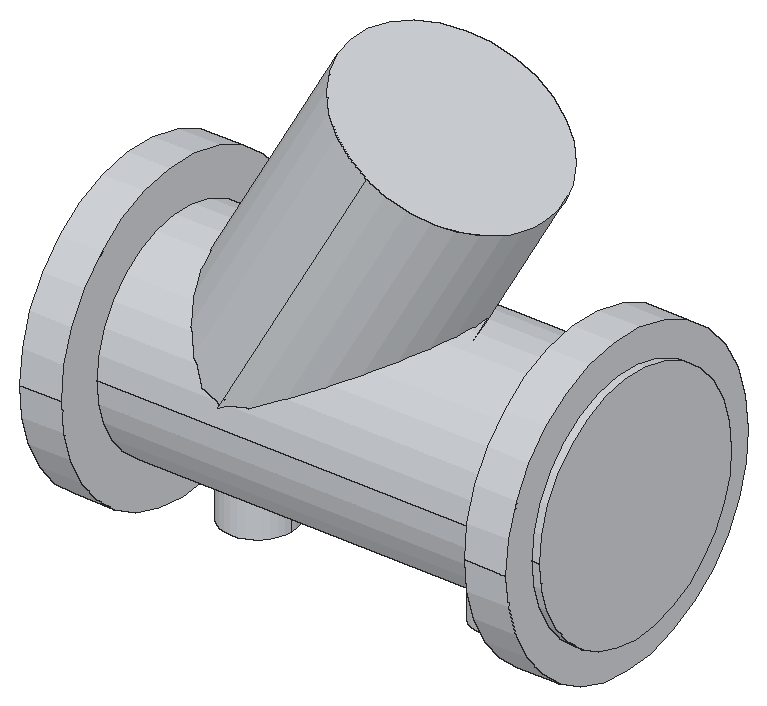
Revit family "HS 821-síto_standard-PN40-DN200-RFA_2019", category Pipe Accessories, Revit 2019
Family settings
  Round Connector Dimension = Use Diameter
  Part Type = Breaks Into
  Work Plane-Based = No
  Always vertical = Yes
  Cut with Voids When Loaded = No
  Shared = No
Parameters (values of type "821F-DN200-PN40-síto_standard")
  magiProductId = "7fb3fc01dd8d42428c203e3f8dd4d5"
  magiProductFamilyId = "79214ac3aaa945e397802f559f5c1e"
  magiPartTypeId = 307
  isMeasuringValve [instance] = no
  ang2D [instance] = 0.00°
  ZB__ve = -ZB  # -56 mm
  ZB1 = 115.425 mm
  ZB = 56 mm
  X2 = 188.361 mm
  X1 = 84 mm
  W2D = 15 mm
  VersionID = "2.0/2017.9.26.1/ZETKAMA_821_001"
  Use Minimum Symbol Size [instance] = yes
  URL = "www.hydronic.cz"
  Type Comments = "Filtr přírubový; síto standardní; A-PN16 (-10~300°C); D-PN25 (-10~350°C); F-PN40 (-10~400°C)"
  S = 285 mm
  QmdConnectorList = "301;D;302;D"
  Productdata [instance] = ""
  Manufacturer = "Hydronic Systems Prague s.r.o."
  MC Product Code = "240 693 (821F; DN200; PN40; kvs707; oko síta 1,6mm)"
  LM1 = 48 mm
  LM = 480 mm
  L4 = 150 mm
  L2D_Min = 3048 mm
  L2D = 130 mm
  L2 = 300 mm
  HH2 = 326.25 mm
  FD = 360 mm
  Description = "Filtr přírubový; síto standardní; 821A-PN16; 821D-PN25; 821F-PN40"
  DM1 = 252 mm
  DM = 256.5 mm
  D = 200 mm
  CC = 10.2 mm
  CAT0 = yes
  C1 = 49.8 mm
  C = 60 mm
  BD = 80.797 mm
Types (40, lengths in mm): name | magiProductId | ZB__ve | ZB1 | ZB | X2 | X1 | S | MC Product Code | LM1 | LM | L4 | L2 | HH2 | FD | DM1 | DM | D | CC | C1 | C | BD
  821A-DN015-PN16-síto_standard | "a71bcfe8b393460598b23e8ddf7dc5" | -16.25 | 18.63 | 16.25 | 46.982 | 18.2 | 46 | "200 115 (821A; DN015; PN16; kvs6,3; oko síta 1,00mm)" | 10.4 | 104 | 32.5 | 65 | 81.375 | 95 | 27.6 | 41.4 | 15 | 2.21 | 10.79 | 13 | 13.041
  821A-DN020-PN16-síto_standard | "41cd6c7a12924f4991217528336076" | -17.75 | 22.68 | 17.75 | 51.673 | 21 | 56 | "200 120 (821A; DN020; PN16; kvs11,2; oko síta 1,00mm)" | 12 | 120 | 37.5 | 75 | 89.5 | 105 | 33.6 | 50.4 | 20 | 2.55 | 12.45 | 15 | 15.876
  821A-DN025-PN16-síto_standard | "be378b463ed14c3abf4c9b3ae8cf3a" | -19.25 | 26.325 | 19.25 | 58.601 | 22.4 | 65 | "200 125 (821A; DN025; PN16; kvs14,7; oko síta 1,00mm)" | 12.8 | 128 | 40 | 80 | 101.5 | 115 | 43.2 | 58.5 | 25 | 2.72 | 13.28 | 16 | 18.427
  821A-DN032-PN16-síto_standard | "227a0d18b21540afabe8b6067d35fa" | -23 | 30.78 | 23 | 68.849 | 25.2 | 76 | "200 132 (821A; DN032; PN16; kvs23,7; oko síta 1,00mm)" | 14.4 | 144 | 45 | 90 | 119.25 | 140 | 50.4 | 68.4 | 32 | 3.06 | 14.94 | 18 | 21.546
  821A-DN040-PN16-síto_standard | "d106917c74724141a10440112d0102" | -24.5 | 34.02 | 24.5 | 75.777 | 28 | 84 | "200 140 (821A; DN040; PN16; kvs37,7; oko síta 1,00mm)" | 16 | 160 | 50 | 100 | 131.25 | 150 | 60 | 75.6 | 40 | 3.4 | 16.6 | 20 | 23.814
  821A-DN050-PN16-síto_standard | "8255d456a09e4f6486734f5dd9171b" | -26.75 | 40.095 | 26.75 | 79.061 | 32.2 | 99 | "200 150 (821A; DN050 PN16; kvs57,9; oko síta 1,00mm)" | 18.4 | 184 | 57.5 | 115 | 136.938 | 165 | 73.8 | 89.1 | 50 | 3.91 | 19.09 | 23 | 28.066
  821A-DN065-PN16-síto_standard | "235b1b3e4c0843779a4d5e3716d40a" | -29.75 | 47.79 | 29.75 | 86.927 | 40.6 | 118 | "200 165 (821A; DN065; PN16; kvs101,5; oko síta 1,25mm)" | 23.2 | 232 | 72.5 | 145 | 150.562 | 185 | 94.2 | 106.2 | 65 | 4.93 | 24.07 | 29 | 33.453
  821A-DN080-PN16-síto_standard | "a067f7c5236348ed8c820d16df7214" | -32 | 53.46 | 32 | 104.753 | 43.4 | 132 | "200 180 (821A; DN080; PN16; kvs147,4; oko síta 1,25mm)" | 24.8 | 248 | 77.5 | 155 | 181.438 | 200 | 107.4 | 118.8 | 80 | 5.27 | 25.73 | 31 | 37.422
  821A-DN100-PN16-síto_standard | "c49a648c2747461285837d643703cd" | -35 | 63.18 | 35 | 114.857 | 49 | 156 | "200 190 (821A; DN100; PN16; kvs209,6; oko síta 1,60mm)" | 28 | 280 | 87.5 | 175 | 198.937 | 220 | 131.4 | 140.4 | 100 | 5.95 | 29.05 | 35 | 44.226
  821A-DN125-PN16-síto_standard | "bf68e728a163493cbd2a663b26ebdc" | -39.5 | 74.52 | 39.5 | 131.888 | 56 | 184 | "200 191 (821A; DN125; PN16; kvs326,2; oko síta 1,60mm)" | 32 | 320 | 100 | 200 | 228.438 | 250 | 165 | 165.6 | 125 | 6.8 | 33.2 | 40 | 52.164
  821A-DN150-PN16-síto_standard | "2de770284b654863ae6bc865769dc5" | -44.75 | 85.455 | 44.75 | 155.885 | 67.2 | 211 | "200 192 (821A; DN150; PN16; kvs403; oko síta 1,60mm)" | 38.4 | 384 | 120 | 240 | 270 | 285 | 192 | 189.9 | 150 | 8.16 | 39.84 | 48 | 59.818
  821A-DN200-PN16-síto_standard | "8e5693371ab64aabb29a7f08c76e15" | -53 | 107.73 | 53 | 188.361 | 84 | 266 | "200 193 (821A; DN200; PN16; kvs707; oko síta 1,60mm)" | 48 | 480 | 150 | 300 | 326.25 | 340 | 252 | 239.4 | 200 | 10.2 | 49.8 | 60 | 75.411
  821A-DN250-PN16-síto_standard | "05e37ed948c34047acdd4c42556504" | -62.75 | 129.195 | 62.75 | 255.911 | 102.2 | 319 | "200 194 (821A; DN250; PN16; kvs1234; oko síta 1,60mm)" | 58.4 | 584 | 182.5 | 365 | 443.25 | 405 | 309.6 | 287.1 | 250 | 12.41 | 60.59 | 73 | 90.436
  821A-DN300-PN16-síto_standard | "9ad0af747269428da925480d83ce80" | -71 | 149.85 | 71 | 325.914 | 119 | 370 | "200 195 (821A; DN300; PN16; kvs1916; oko síta 1,60mm)" | 68 | 680 | 212.5 | 425 | 564.5 | 460 | 369.6 | 333 | 300 | 14.45 | 70.55 | 85 | 104.895
  821A-DN350-PN16-síto_standard | "eebc71459bb3451bb4355e7951370a" | -80 | 173.745 | 80 | 356.875 | 137.2 | 429 | "200 196 (821A; DN350; PN16; kvs2621; oko síta 1,60mm)" | 78.4 | 784 | 245 | 490 | 618.125 | 520 | 438 | 386.1 | 350 | 16.66 | 81.34 | 98 | 121.621
  821A-DN400-PN16-síto_standard | "d2f677cb196647e385b2590e7d8abe" | -89 | 194.4 | 89 | 392.237 | 154 | 480 | "200 197 (821A; DN400; PN16; kvs3460; oko síta 1,60mm)" | 88 | 880 | 275 | 550 | 679.375 | 580 | 498 | 432 | 400 | 18.7 | 91.3 | 110 | 136.08
  821D-DN015-PN25-síto_standard | "27ddcbf555414f8ca1fde329bf9087" | -16.25 | 18.63 | 16.25 | 46.982 | 18.2 | 46 | "200 215 (821D; DN015; PN25; kvs6,3; oko síta 1,00mm)" | 10.4 | 104 | 32.5 | 65 | 81.375 | 95 | 27.6 | 41.4 | 15 | 2.21 | 10.79 | 13 | 13.041
  821D-DN020-PN25-síto_standard | "270e0f14012f47189cd0235c18faee" | -17.75 | 22.68 | 17.75 | 51.673 | 21 | 56 | "200 220 (821D; DN020; PN25; kvs11,2; oko síta 1,00mm)" | 12 | 120 | 37.5 | 75 | 89.5 | 105 | 33.6 | 50.4 | 20 | 2.55 | 12.45 | 15 | 15.876
  821D-DN025-PN25-síto_standard | "b9a7fb4aa36643878c637d8e1ab992" | -19.25 | 26.325 | 19.25 | 58.601 | 22.4 | 65 | "200 225 (821D; DN025; PN25; kvs14,7; oko síta 1,00mm)" | 12.8 | 128 | 40 | 80 | 101.5 | 115 | 43.2 | 58.5 | 25 | 2.72 | 13.28 | 16 | 18.427
  821D-DN032-PN25-síto_standard | "6be9a55c4e68400f94eec7e804204c" | -23 | 30.78 | 23 | 68.849 | 25.2 | 76 | "200 232 (821D; DN032; PN25; kvs23,7; oko síta 1,00mm)" | 14.4 | 144 | 45 | 90 | 119.25 | 140 | 50.4 | 68.4 | 32 | 3.06 | 14.94 | 18 | 21.546
  821D-DN040-PN25-síto_standard | "c54511bd7f584ec2984291479612cb" | -24.5 | 34.02 | 24.5 | 75.777 | 28 | 84 | "200 240 (821D; DN040; PN25; kvs37,7; oko síta 1,00mm)" | 16 | 160 | 50 | 100 | 131.25 | 150 | 60 | 75.6 | 40 | 3.4 | 16.6 | 20 | 23.814
  821D-DN050-PN25-síto_standard | "5483b1f596b04cd39b23a14a22c90e" | -26.75 | 40.095 | 26.75 | 79.061 | 32.2 | 99 | "200 250 (821D; DN050; PN25; kvs57,9; oko síta 1,00mm)" | 18.4 | 184 | 57.5 | 115 | 136.938 | 165 | 73.8 | 89.1 | 50 | 3.91 | 19.09 | 23 | 28.066
  821D-DN065-PN25-síto_standard | "767b0f8318e94750bc7a9930ed5b30" | -29.75 | 47.79 | 29.75 | 86.927 | 40.6 | 118 | "200 265 (821D; DN065; PN25; kvs101,5; oko síta 1,25mm)" | 23.2 | 232 | 72.5 | 145 | 150.562 | 185 | 94.2 | 106.2 | 65 | 4.93 | 24.07 | 29 | 33.453
  821D-DN080-PN25-síto_standard | "e21040fa3cc2404b858198f6b73709" | -32 | 53.46 | 32 | 104.753 | 43.4 | 132 | "200 280 (821D; DN080; PN25; kvs147,4; oko síta 1,25mm)" | 24.8 | 248 | 77.5 | 155 | 181.438 | 200 | 107.4 | 118.8 | 80 | 5.27 | 25.73 | 31 | 37.422
  821D-DN100-PN25-síto_standard | "175ca87a506b40b3bc6b82f12f33cf" | -37.25 | 63.18 | 37.25 | 114.857 | 49 | 156 | "200 290 (821D; DN100; PN25; kvs209,6; oko síta 1,60mm)" | 28 | 280 | 87.5 | 175 | 198.937 | 235 | 131.4 | 140.4 | 100 | 5.95 | 29.05 | 35 | 44.226
  821D-DN125-PN25-síto_standard | "77cc98d60da24855999a22dff726b2" | -42.5 | 74.52 | 42.5 | 131.888 | 56 | 184 | "200 291 (821D; DN125; PN25; kvs326,2; oko síta 1,60mm)" | 32 | 320 | 100 | 200 | 228.438 | 270 | 165 | 165.6 | 125 | 6.8 | 33.2 | 40 | 52.164
  821D-DN150-PN25-síto_standard | "9cf8acfcd15547d68e83172d3abcbe" | -47 | 85.455 | 47 | 155.885 | 67.2 | 211 | "200 292 (821D; DN150; PN25; kvs403; oko síta 1,60mm)" | 38.4 | 384 | 120 | 240 | 270 | 300 | 192 | 189.9 | 150 | 8.16 | 39.84 | 48 | 59.818
  821D-DN200-PN25-síto_standard | "16973f3c9ea14389ba8602495a6b64" | -56 | 110.97 | 56 | 188.361 | 84 | 274 | "200 293 (821D; DN200; PN25; kvs707; oko síta 1,60mm)" | 48 | 480 | 150 | 300 | 326.25 | 360 | 252 | 246.6 | 200 | 10.2 | 49.8 | 60 | 77.679
  821F-DN015-PN40-síto_standard | "4c7eaf3c4c0340888b3e684d8a8616" | -16.25 | 18.225 | 16.25 | 46.982 | 18.2 | 45 | "240 615 (821F; DN015; PN40; kvs6,3; oko síta 1,00mm)" | 10.4 | 104 | 32.5 | 65 | 81.375 | 95 | 27.6 | 40.5 | 15 | 2.21 | 10.79 | 13 | 12.757
  821F-DN020-PN40-síto_standard | "aaac5f1ec96b44d6ba96ac2293d66d" | -17.75 | 23.49 | 17.75 | 51.673 | 21 | 58 | "240 620 (821F; DN020; PN40; kvs11,2; oko síta 1,00mm)" | 12 | 120 | 37.5 | 75 | 89.5 | 105 | 33.6 | 52.2 | 20 | 2.55 | 12.45 | 15 | 16.443
  821F-DN025-PN40-síto_standard | "504768023968471481789485b54c7e" | -19.25 | 27.54 | 19.25 | 58.601 | 22.4 | 68 | "240 625 (821F; DN025; PN40; kvs14,7; oko síta 1,00mm)" | 12.8 | 128 | 40 | 80 | 101.5 | 115 | 43.2 | 61.2 | 25 | 2.72 | 13.28 | 16 | 19.278
  821F-DN032-PN40-síto_standard | "165e7f39cf744f329bdf1c400dad12" | -23 | 31.59 | 23 | 68.849 | 25.2 | 78 | "240 632 (821F; DN032; PN40; kvs23,7; oko síta 1,00mm)" | 14.4 | 144 | 45 | 90 | 119.25 | 140 | 50.4 | 70.2 | 32 | 3.06 | 14.94 | 18 | 22.113
  821F-DN040-PN40-síto_standard | "b8903f952089408fbf3a5a632bab1f" | -24.5 | 35.64 | 24.5 | 75.777 | 28 | 88 | "240 640 (821F; DN040; PN40; kvs37,7; oko síta 1,00mm)" | 16 | 160 | 50 | 100 | 131.25 | 150 | 60 | 79.2 | 40 | 3.4 | 16.6 | 20 | 24.948
  821F-DN050-PN40-síto_standard | "c451f97266fe48da8f879cb6a2bd44" | -26.75 | 41.31 | 26.75 | 79.061 | 32.2 | 102 | "240 650 (821F; DN050; PN40; kvs57,9; oko síta 1,00mm)" | 18.4 | 184 | 57.5 | 115 | 136.938 | 165 | 73.8 | 91.8 | 50 | 3.91 | 19.09 | 23 | 28.917
  821F-DN065-PN40-síto_standard | "dc9821e3f9b34e128f6a8c6b34c198" | -29.75 | 49.41 | 29.75 | 86.927 | 40.6 | 122 | "240 665 (821F; DN065; PN40; kvs101,5; oko síta 1,25mm)" | 23.2 | 232 | 72.5 | 145 | 150.562 | 185 | 94.2 | 109.8 | 65 | 4.93 | 24.07 | 29 | 34.587
  821F-DN080-PN40-síto_standard | "689aa1e260f84cf4994f027a1d86b5" | -32 | 55.89 | 32 | 104.753 | 43.4 | 138 | "240 680 (821F; DN080; PN40; kvs147,4; oko síta 1,25mm)" | 24.8 | 248 | 77.5 | 155 | 181.438 | 200 | 107.4 | 124.2 | 80 | 5.27 | 25.73 | 31 | 39.123
  821F-DN100-PN40-síto_standard | "8a45d4e8e2ab425f8c432f21d684f3" | -37.25 | 65.61 | 37.25 | 114.857 | 49 | 162 | "240 690 (821F; DN100; PN40; kvs209,6; oko síta 1,6mm)" | 28 | 280 | 87.5 | 175 | 198.937 | 235 | 131.4 | 145.8 | 100 | 5.95 | 29.05 | 35 | 45.927
  821F-DN125-PN40-síto_standard | "cf073904c006406b8645afa67ea2fc" | -42.5 | 76.14 | 42.5 | 131.888 | 56 | 188 | "240 691 (821F; DN125; PN40; kvs326,2; oko síta 1,6mm)" | 32 | 320 | 100 | 200 | 228.438 | 270 | 165 | 169.2 | 125 | 6.8 | 33.2 | 40 | 53.298
  821F-DN150-PN40-síto_standard | "0153b9ddabe14992a630484929fdbc" | -47 | 88.29 | 47 | 155.885 | 67.2 | 218 | "240 692 (821F; DN150; PN40; kvs403; oko síta 1,6mm)" | 38.4 | 384 | 120 | 240 | 270 | 300 | 192 | 196.2 | 150 | 8.16 | 39.84 | 48 | 61.803
  821F-DN200-PN40-síto_standard | "7fb3fc01dd8d42428c203e3f8dd4d5" | -56 | 115.425 | 56 | 188.361 | 84 | 285 | "240 693 (821F; DN200; PN40; kvs707; oko síta 1,6mm)" | 48 | 480 | 150 | 300 | 326.25 | 360 | 252 | 256.5 | 200 | 10.2 | 49.8 | 60 | 80.797
Reference planes
  plane 1 "Center (Front/Back)": y = 0
  plane 2 "XYPLANE": z = 0
  plane 3 "Center (Left/Right)": x = 0
  plane 4 "109": x = -192
  plane 5 "108": x = 240
  plane 6 "107": x = -240
  plane 7 "105": x = 300
  plane 8 "104": x = -300
  plane 9 "103": y = 0
  plane 10 "102": z = 0
  plane 11 "101": x = -289.8
  plane 12 "100": x = 289.8
  plane 13 "11": x = -108
  plane 14 "10": z = 326.25
  plane 15 "9": x = 80.361
  plane 16 "5": z = -115.425
  plane 17 "4": x = -150
  plane 18 "1": x = 150
Forms (mm)
  Extrusion 1, solid, visible <- "CAT0"
    sketch origin (-240, -750, 0) x (0, 1, 0) y (0, 0, 1)
      loop
        circle (750, 0) r 128.25
    from 0 to 480 <- "LM"
  Extrusion 2, solid
    sketch origin (-300, -750, 0) x (0, 1, 0) y (0, 0, 1)
      loop
        circle (750, 0) r 142.5
    from 0 to 10.2 <- "CC"
  Extrusion 3, solid
    sketch origin (-289.8, -750, 0) x (0, 1, 0) y (0, 0, 1)
      loop
        circle (750, 0) r 180
    from 0 to 49.8 <- "C1"
  Extrusion 4, solid
    sketch origin (240, -750, 0) x (0, 1, 0) y (0, 0, 1)
      loop
        circle (750, 0) r 180
    from 0 to 49.8 <- "C1"
  Extrusion 5, solid
    sketch origin (289.8, -750, 0) x (0, 1, 0) y (0, 0, 1)
      loop
        circle (750, 0) r 142.5
    from 0 to 10.2 <- "CC"
  Sweep 6, solid, visible <- "CAT0"
    path origin (750, 0, 0) x (-1, 0, 0) y (0, 0, 1)
      loop
        line (990, 0) -> (858, 0) -> (669.639, 326.25)
    profile origin (-240, 0, 0) x (0, 0, -1) y (0, 1, 0)
      loop
        circle (0, 0) r 126
  Extrusion 7, solid, visible <- "CAT0"
    sketch origin (-750, 0, -115.425) x (1, 0, 0) y (0, 1, 0)
      loop
        circle (600, 0) r 40.399
    from 0 to -56 <- "ZB__ve"
  Extrusion 8, solid, visible <- "CAT0"
    sketch origin (-750, 0, -115.425) x (1, 0, 0) y (0, 1, 0)
      loop
        circle (900, 0) r 40.399
    from 0 to -56 <- "ZB__ve"
  Extrusion 9, solid, not visible
    sketch origin (300, -750, 0) x (0, 1, 0) y (0, 0, 1)
      loop
        circle (750, 0) r 10
    from 0 to -10
  Extrusion 10, solid, not visible
    sketch origin (-300, -750, 0) x (0, 1, 0) y (0, 0, 1)
      loop
        circle (750, 0) r 10
    from 0 to 10
Lines and regions (mm)
  reference lines, not visible
    curve 1: circle (2, 2, 0) r 1 normal (0, 0, 1)
Dimensions and locks
  plane 1 "Center (Front/Back)" to curve 1 = 2 mm
  "LM1": plane 6 "107" to plane 4 "109"
  "LM": plane 6 "107" to plane 5 "108"
  "C": plane 8 "104" to plane 6 "107"
  "L2": plane 3 "Center (Left/Right)" to plane 7 "105"
  "L2": plane 3 "Center (Left/Right)" to plane 8 "104"
  locked: plane 1 "Center (Front/Back)" to plane 9 "103"
  locked: plane 2 "XYPLANE" to plane 10 "102"
  "CC": plane 8 "104" to plane 11 "101"
  "C1": plane 5 "108" to plane 12 "100"
  "X1": plane 4 "109" to plane 13 "11"
  "HH2": plane 2 "XYPLANE" to plane 14 "10"
  "X2": plane 13 "11" to plane 15 "9"
  "ZB1": plane 2 "XYPLANE" to plane 16 "5"
  "L4": plane 8 "104" to plane 17 "4"
  "L2": plane 17 "4" to plane 18 "1"
  Sweep 6 sketch curve to Sweep 6 sketch curve = 0 mm  (x2)
  "DM": diameter of Extrusion 1 sketch curve
  "S": diameter of Extrusion 2 sketch curve
  "FD": diameter of Extrusion 3 sketch curve
  "FD": diameter of Extrusion 4 sketch curve
  "S": diameter of Extrusion 5 sketch curve
  "DM1": diameter of Sweep 6 sketch curve
  "BD": diameter of Extrusion 7 sketch curve
  "BD": diameter of Extrusion 8 sketch curve
  aligned and locked: level to plane 2 "XYPLANE"
  aligned and locked: Extrusion 1 sketch curve to plane 9 "103"
  aligned and locked: plane 10 "102" to Extrusion 1 sketch curve
  aligned and locked: Extrusion 2 sketch curve to plane 9 "103"
  aligned and locked: plane 10 "102" to Extrusion 2 sketch curve
  aligned and locked: Extrusion 3 sketch curve to plane 9 "103"
  aligned and locked: plane 10 "102" to Extrusion 3 sketch curve
  aligned and locked: Extrusion 4 sketch curve to plane 9 "103"
  aligned and locked: plane 10 "102" to Extrusion 4 sketch curve
  aligned and locked: Extrusion 5 sketch curve to plane 9 "103"
  aligned and locked: plane 10 "102" to Extrusion 5 sketch curve
  aligned and locked: Sweep 6 sketch curve to plane 9 "103"
  aligned and locked: plane 10 "102" to Sweep 6 sketch curve  (x3)
  aligned and locked: plane 6 "107" to Sweep 6 sketch curve
  aligned and locked: plane 13 "11" to Sweep 6 sketch curve
  aligned and locked: plane 14 "10" to Sweep 6 sketch curve
  aligned and locked: plane 15 "9" to Sweep 6 sketch curve
  aligned and locked: plane 9 "103" to Extrusion 7 sketch curve
  aligned and locked: plane 17 "4" to Extrusion 7 sketch curve
  aligned and locked: plane 9 "103" to Extrusion 8 sketch curve
  aligned and locked: plane 18 "1" to Extrusion 8 sketch curve
  aligned and locked: Extrusion 9 sketch curve to plane 9 "103"
  aligned and locked: plane 10 "102" to Extrusion 9 sketch curve
  aligned and locked: Extrusion 10 sketch curve to plane 9 "103"
  aligned and locked: plane 10 "102" to Extrusion 10 sketch curve
Automatic sketch dimensions
  plane 1 "Center (Front/Back)" to Extrusion 9 sketch curve = 10 mm
  plane 1 "Center (Front/Back)" to Extrusion 10 sketch curve = 10 mm
  plane 3 "Center (Left/Right)" to curve 1 = 2 mm
  radius of curve 1 = 1 mm
Connectors
  piping at (-300, 0, 0), diameter 200, driven by "D"
    settings: on Extrusion 10, index 1, connector inside diameter 609.6 mm, connector length 0 mm, flow factor 0, pipe flow 0.0 L/s, pressure drop 0.0 Pa, fitting loss kfactor 0, connector angle 0.00°, fixture units 0, engagement length 0 mm, angle of deflection 0.00°, flow configuration 0, flow direction 0, fitting loss method 0, system type 29, joint type 0, gender type 0, connector reference index 2, connector utility 0, adjustable connector no, is connector primary yes, connector description ""
  piping at (300, 0, 0), diameter 200, driven by "D"
    settings: on Extrusion 9, index 2, connector inside diameter 609.6 mm, connector length 0 mm, flow factor 0, pipe flow 0.0 L/s, pressure drop 0.0 Pa, fitting loss kfactor 0, connector angle 0.00°, fixture units 0, engagement length 0 mm, angle of deflection 0.00°, flow configuration 0, flow direction 0, fitting loss method 0, system type 29, joint type 0, gender type 0, connector reference index 1, connector utility 0, adjustable connector no, is connector primary no, connector description ""
